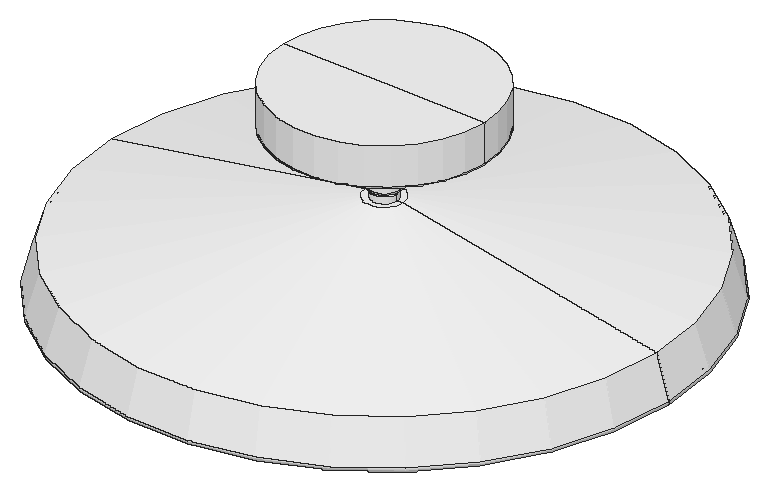
Revit family "Lighting_Ceiling-Mounted_Nordlux_Alba-Pro_30", category Lighting Fixtures, host Ceiling, Revit 2017
Family settings
  Host = Ceiling
  Round Connector Dimension = Use Diameter
  Part Type = Normal
  OmniClass Number = 23.80.70.11
  OmniClass Title = Luminaries for Internal Lighting
  Always vertical = Yes
  Cut with Voids When Loaded = No
  Light Source = Yes
  Shared = No
  Room Calculation Point = No
Parameters (values of type "Alba Pro 30")
  Wattage = 6.7321 W
  WarrantyStartDate [instance] = "n/a"
  WarrantyGuarantorParts = "n/a"
  WarrantyGuarantorLabor = "n/a"
  WarrantyDurationUnit = "Hours"
  WarrantyDurationParts = "n/a"
  WarrantyDurationLabor = "n/a"
  WarrantyDescription = "n/a"
  built-in parameter 1150110 = 1 (stored number, unit not read)
  VersionDate = "01/07/2020"  # constant formula
  Version = "1"  # constant formula
  UsageCurrent = 0 A
  Uniclass2015Reference = "Pr_70_70_48_46"
  Uniclass2015Description = "Light-Emitting Diode (LED) Luminaires"
  Uniclass2 = "Pr_70_70_49_43"
  URL = "https://www.nordlux.com/products/product/77176001"
  TotalWattage = 14 W
  built-in parameter 1114217 = 1 (stored number, unit not read)
  Tilt Angle = 90.00°
  built-in parameter 1150109 = 1 (stored number, unit not read)
  built-in parameter 1150134 = (empty or 0)
  TagNumber [instance] = "n/a"
  SustainabilityPerformance = "n/a"
  built-in parameter 1150113 = 1 (stored number, unit not read)
  Socket = "LED MODUL"
  Size = "300x300x100 mm"
  Shape = "Sculptured"
  SerialNumber [instance] = "n/a"
  Revision = "1"  # constant formula
  ReplacementCost = "n/a"
  ProductInformation = "n/a"
  Product data url = "https://www.bimobject.com/nordlux/product/alba_pro_30"
  Photometric Web File = "7717 Alba Pro 30.ies"
  PhaseReference = "n/a"
  PhaseAngle = 0.00°
  NumberOfSources = 0
  NumberOfPoles = 1
  NominalWidth = NominalDiameter  # 300 mm
  NominalVoltageCalc = 0 V
  NominalVoltage = 230 V
  NominalRadius = NominalDiameter / 2  # 150 mm
  NominalLength = NominalDiameter  # 300 mm
  NominalHeight = 100 mm
  NominalFrequencyRange = 50 Hz
  NominalDiameter = 300 mm
  NominalCurrent = 0 A
  Name = "Alba-Pro_30"  # constant formula
  NBSReference = "90-60-50/405"
  NBSDescription = "General purpose luminaires"
  ModelReference = ArticleNumber  # "77176001"
  ModelNumber = "n/a"
  Model = "Alba Pro 30"
  Material = "Aluminium & acrylic"
  ManufacturersSpecificInformation = "n/a"
  ManufacturerURL = "https://www.nordlux.com/"
  ManufacturerName = "Nordlux"
  Manufacturer = "Nordlux"
  MaintenanceFactor = 0
  Lumens = 1000 lm
  built-in parameter 1150115 = 1 (stored number, unit not read)
  built-in parameter 1150105 = 360.88 (stored number, unit not read)
  LightSource = "Incl. 14W LED"
  LightFixturePlacingType = "Ceilling"
  LightFixtureMountingType = "Surface"
  LightFixtureMainMaterial = White
  built-in parameter 1150137 = (empty or 0)
  built-in parameter 1150139 = (empty or 0)
  LensMaterial = Opal white
  built-in parameter 1150112 = 1 (stored number, unit not read)
  built-in parameter 1150114 = 1 (stored number, unit not read)
  InsulationStandardClass = "Class 2 (Double isolated)"
  InstallationDate [instance] = "n/a"
  built-in parameter 1150132 = 2
  built-in parameter 1150102 = (empty or 0)
  built-in parameter 1150138 = (empty or 0)
  built-in parameter 1150107 = 2700 (stored number, unit not read)
  built-in parameter 1150106 = 3.6088 (stored number, unit not read)
  IfcExportType = "NOTDEFINED"  # constant formula
  IfcExportAs = "IfcLightFixtureType"  # constant formula
  IP_Code = "IP20"
  HasProtectiveEarth = no
  Grade = "n/a"
  Finish = "Primary material aluminium, secondary material acrylic."
  Features = "n/a"
  ExpectedLife = "20.000"
  EnergyClass = "A++ - A"
  Emit from Circle Diameter = 290 mm
  Emit Shape Visible in Rendering = no
  ElectricalDeviceNominalPower = 0
  built-in parameter 1150104 = 13.8 (stored number, unit not read)
  EANNumber = "5701581400382"
  DurationUnit = "Hours"
  Dimming Lamp Color Temperature Shift = <None>
  Dimmer = "Dimmable"
  Designer = "Bonnelycke MDD"
  Description = "With Alba Pro, Bonnelycke MDD has created a ceiling fixture that breaks with tradition. A ceiling fixture where design and innovation merge into something greater. The shape stands out as sharp, modern and as a uniform, luminous surface. The functional kip joint, made from brass, adds an elegant superiority to the design."
  DefaultElevation = 0 mm
  ConvergoRefNr = "0143-1909-0020-DK"
  Constituents = "n/a"
  ColourIndexRA = "80"
  Color Filter = 16777215
  Color = "White"
  Collection = "Alba Pro"
  CodePerformance = "n/a"
  Category = "Indoor lighting"
  Brand = "Nordlux"
  Barcode [instance] = "n/a"
  built-in parameter 1114218 = 1 (stored number, unit not read)
  BIMObjectName = "Lighting_Ceiling-Mounted_Nordlux_Alba-Pro_30"  # constant formula
  Author = "Convergo AB"  # constant formula
  built-in parameter 1150133 = 10 (stored number, unit not read)
  AssetType = "Fixed"
  AssetIdentifier [instance] = "n/a"
  ArticleNumber = "77176001"
  AccessibilityPerformance = "n/a"
Reference planes
  plane 1 "Light Source Axis (F/B)": y = 0
  plane 2: z = 0
  plane 3 "Light Source Axis (L/R)": x = 0
  plane 4 "Ceiling": z = 4000
  plane 5 "Light Source Elevation": z = 3903.065
  plane 6: z = 3900
  plane 7: x = -150
  plane 8: y = 150
  plane 9: x = 150
  plane 10: y = -150
Forms (mm)
  Extrusion 1, solid, material "White" <- "LightFixtureMainMaterial", detail levels coarse
    sketch origin (0, 0, 3903.065) x (-1, 0, 0) y (0, -1, 0)
      loop
        line (150, -150) -> (150, 150) -> (-150, 150) -> (-150, -150) -> (150, -150)
    from -3.065 to 96.935
Dimensions and locks
  equal spacing: host sketch curve, plane 3 "Light Source Axis (L/R)", host sketch curve
  equal spacing: host sketch curve, plane 1 "Light Source Axis (F/B)", host sketch curve
  host sketch curve to host sketch curve = 4000 mm  (x2)
  locked: plane 4 "Ceiling" to host ceiling at 0
  locked: plane 6 to plane 5 "Light Source Elevation" at 3.065
  equal spacing: plane 10, plane 1 "Light Source Axis (F/B)", plane 8
  "NominalDiameter": plane 8 to plane 10
  equal spacing: plane 7, plane 3 "Light Source Axis (L/R)", plane 9
  "NominalDiameter": plane 7 to plane 9
  "NominalHeight": plane 6 to plane 4 "Ceiling"
  plane 4 "Ceiling" to plane 6 = 100 mm
  aligned and locked: plane 3 "Light Source Axis (L/R)" to imposter light
  aligned and locked: plane 1 "Light Source Axis (F/B)" to imposter light
  aligned and locked: plane 5 "Light Source Elevation" to imposter light
  aligned and locked: Extrusion 1 to plane 4 "Ceiling"
  aligned and locked: Extrusion 1 to plane 6
  aligned and locked: plane 3 "Light Source Axis (L/R)" to nested 1
  aligned and locked: nested 1 to plane 1 "Light Source Axis (F/B)"
  aligned and locked: plane 8 to Extrusion 1 sketch curve
  aligned and locked: plane 7 to Extrusion 1 sketch curve
  aligned and locked: plane 9 to Extrusion 1 sketch curve
  aligned and locked: plane 10 to Extrusion 1 sketch curve
  aligned and locked: plane 4 "Ceiling" to nested 1
Nested families
  nested 1: "AlbaPro30_Ceiling" at (0, 0, 4000) x (1, 0, 0) z (0, 0, -1), Glass <- "LensMaterial", Metal <- "LightFixtureMainMaterial", type "AlbaPro30_Ceiling"
    with Metal White, Glass Opal white
Connectors
  electrical at (0, 0, 4000), driven by "NumberOfPoles", driven by "NominalVoltage"
    settings: on nested 1, index 1, voltage 230 V, apparent load 0 VA, apparent load phase1 0 VA, apparent load phase2 0 VA, apparent load phase3 0 VA, power factor 1, load classification "Other", number of poles 1, system type 31, power factor state 1, is connector primary yes, connector utility no, sub classification motor no, connector description ""
Definition of nested family "AlbaPro30_Ceiling"
  Parameters (values of type "AlbaPro30_Ceiling")
    Metal [instance] = none
    Glass [instance] = none
    Default Elevation = 1219.2 mm
  Reference planes
    plane 1 "Center (Front/Back)": y = 0
    plane 2: z = 0
    plane 3 "Center (Left/Right)": x = 0
    plane 4: x = -150
    plane 5: x = 150
    plane 6: y = 150.021
    plane 7: y = -150.021
    plane 8: z = 100
    plane 9: z = 96.935
  Forms (mm)
    Revolve 1, solid, material <- "Metal", detail levels medium+fine
      sketch origin (0, 0, 0) x (1, 0, 0) y (0, 0, 1)
        loop
          line (0, 0) -> (0, 56.674) -> (-6.495, 56.674) -> (-6.495, 50.315) -> (-4.02, 50.315) -> (-4.02, 48.398) -> (-7.5, 48.398)
          arc (-7.5, 48.398) -> (-7.854, 48.252) -> (-8, 47.898) r 0.5
          line (-8, 47.898) -> (-8, 20) -> (-52.5, 20)
          arc (-52.5, 20) -> (-52.854, 19.854) -> (-53, 19.5) r 0.5
          line (-53, 19.5) -> (-53, 0) -> (0, 0)
        axis (0, 56.674) -> (0, 0)
      angle from 0 to 360
    Revolve 2, solid, material <- "Metal", detail levels medium+fine
      sketch origin (0, 0, 0) x (1, 0, 0) y (0, 0, 1)
        loop
          line (-9.875, 53.322) -> (0, 53.322) -> (0, 54.322) -> (-9.788, 54.322) -> (-142.761, 77.769) -> (-148.517, 96.596)
          arc (-148.517, 96.596) -> (-147.188, 99.595) -> (-149.928, 97.791) r 1.71
          line (-149.928, 97.791) -> (-143.538, 76.89) -> (-9.875, 53.322)
        axis (0, 53.322) -> (0, 97.791)
      angle from 0 to 360
    Revolve 3, solid, material <- "Glass", detail levels medium+fine
      sketch origin (0, 0, 0) x (1, 0, 0) y (0, 0, 1)
        loop
          line (-146.5, 94.235) -> (0, 94.235) -> (0, 95.935) -> (-143.265, 95.935) -> (-143.265, 96.935) -> (-148.273, 96.935) -> (-148.273, 95.935) -> (-146.5, 95.935) -> (-146.5, 94.235)
        axis (0, 96.935) -> (0, 94.235)
      angle from 0 to 360
    Revolve 4, solid, material <- "Metal", detail levels medium+fine
      sketch origin (0, 0, 0) x (1, 0, 0) y (0, 0, 1)
        loop
          line (-144.346, 84.233) -> (0, 84.233) -> (0, 85.036) -> (-143.346, 85.036) -> (-143.346, 94.235) -> (-144.346, 94.235) -> (-144.346, 84.233)
        axis (0, 94.235) -> (0, 84.233)
      angle from 0 to 360
  Cuts and joins
    joined: Revolve 1, Revolve 2
  Lines and regions (mm)
    symbolic lines, detail levels medium+fine
      curve 1: line (0, 143.538, 76.89) -> (0, 149.928, 97.791)
      curve 2: arc (0, 149.928, 97.791) -> (0, 149.668, 99.307) -> (0, 148.293, 100) r 1.71
      curve 3: line (0, 148.293, 100) -> (0, 0, 100)
      curve 4: line (0, 9.875, 53.322) -> (0, 143.538, 76.89)
      curve 6: line (0, 6.495, 50.315) -> (0, 6.495, 53.322)
      curve 7: line (0, 9.875, 53.322) -> (0, 6.495, 53.322)
      curve 8: line (0, 4.02, 50.315) -> (0, 4.02, 48.398)
      curve 9: line (0, 4.02, 48.398) -> (0, 7.5, 48.398)
      curve 10: arc (0, 8, 47.898) -> (0, 7.854, 48.252) -> (0, 7.5, 48.398) r 0.5
      curve 11: line (0, 8, 20) -> (0, 8, 47.898)
      curve 13: arc (0, 53, 19.5) -> (0, 52.854, 19.854) -> (0, 52.5, 20) r 0.5
      curve 14: line (0, 53, 0) -> (0, 53, 19.5)
      curve 15: line (0, 0, 0) -> (0, 53, 0)
      curve 16: line (0, 8, 20) -> (0, 52.5, 20)
      curve 18: line (0, 4.02, 50.315) -> (0, 6.495, 50.315)
      curve 20: line (0, -143.538, 76.89) -> (0, -149.928, 97.791)
      curve 21: arc (0, -149.928, 97.791) -> (0, -149.668, 99.307) -> (0, -148.293, 100) r 1.71
      curve 22: line (0, -148.293, 100) -> (0, 0, 100)
      curve 23: line (0, -9.875, 53.322) -> (0, -143.538, 76.89)
      curve 25: line (0, -6.495, 50.315) -> (0, -6.495, 53.322)
      curve 26: line (0, -9.875, 53.322) -> (0, -6.495, 53.322)
      curve 27: line (0, -4.02, 50.315) -> (0, -4.02, 48.398)
      curve 28: line (0, -4.02, 48.398) -> (0, -7.5, 48.398)
      curve 29: arc (0, -8, 47.898) -> (0, -7.854, 48.252) -> (0, -7.5, 48.398) r 0.5
      curve 30: line (0, -8, 20) -> (0, -8, 47.898)
      curve 32: arc (0, -53, 19.5) -> (0, -52.854, 19.854) -> (0, -52.5, 20) r 0.5
      curve 33: line (0, -53, 0) -> (0, -53, 19.5)
      curve 34: line (0, 0, 0) -> (0, -53, 0)
      curve 35: line (0, -8, 20) -> (0, -52.5, 20)
      curve 37: line (0, -4.02, 50.315) -> (0, -6.495, 50.315)
      curve 39: line (-53, 0, 0) -> (0, 0, 0)
      curve 40: line (-53, 0, 19.5) -> (-53, 0, 0)
      curve 41: arc (-52.5, 0, 20) -> (-52.854, 0, 19.854) -> (-53, 0, 19.5) r 0.5
      curve 42: line (-52.5, 0, 20) -> (-8, 0, 20)
      curve 43: line (-8, 0, 47.898) -> (-8, 0, 20)
      curve 44: arc (-7.5, 0, 48.398) -> (-7.854, 0, 48.252) -> (-8, 0, 47.898) r 0.5
      curve 45: line (-7.5, 0, 48.398) -> (-4.02, 0, 48.398)
      curve 46: line (-4.02, 0, 50.315) -> (-4.02, 0, 48.398)
      curve 47: line (-6.495, 0, 50.315) -> (-4.02, 0, 50.315)
      curve 48: line (-6.495, 0, 53.322) -> (-6.495, 0, 50.315)
      curve 49: line (-9.875, 0, 53.322) -> (-6.495, 0, 53.322)
      curve 50: line (-143.538, 0, 76.89) -> (-9.875, 0, 53.322)
      curve 51: line (-149.928, 0, 97.791) -> (-143.538, 0, 76.89)
      curve 52: arc (-148.293, 0, 100) -> (-149.668, 0, 99.307) -> (-149.928, 0, 97.791) r 1.71
      curve 53: line (-148.293, 0, 100) -> (0, 0, 100)
      curve 58: line (53, 0, 0) -> (0, 0, 0)
      curve 59: line (53, 0, 19.5) -> (53, 0, 0)
      curve 60: arc (52.5, 0, 20) -> (52.854, 0, 19.854) -> (53, 0, 19.5) r 0.5
      curve 61: line (52.5, 0, 20) -> (8, 0, 20)
      curve 62: line (8, 0, 47.898) -> (8, 0, 20)
      curve 63: arc (7.5, 0, 48.398) -> (7.854, 0, 48.252) -> (8, 0, 47.898) r 0.5
      curve 64: line (7.5, 0, 48.398) -> (4.02, 0, 48.398)
      curve 65: line (4.02, 0, 50.315) -> (4.02, 0, 48.398)
      curve 66: line (6.495, 0, 50.315) -> (4.02, 0, 50.315)
      curve 67: line (6.495, 0, 53.322) -> (6.495, 0, 50.315)
      curve 68: line (9.875, 0, 53.322) -> (6.495, 0, 53.322)
      curve 69: line (143.538, 0, 76.89) -> (9.875, 0, 53.322)
      curve 70: line (149.928, 0, 97.791) -> (143.538, 0, 76.89)
      curve 71: arc (148.293, 0, 100) -> (149.668, 0, 99.307) -> (149.928, 0, 97.791) r 1.71
      curve 72: line (148.293, 0, 100) -> (0, 0, 100)
      curve 77: circle (0, 0, 0) r 150.003 normal (0, 0, 1)
    symbolic lines, detail levels fine
      curve 5: line (0, 0, 50.315) -> (0, 4.02, 50.315)
      curve 12: line (0, 0, 20) -> (0, 8, 20)
      curve 17: line (0, 4.02, 48.398) -> (0, 0, 48.398)
      curve 19: line (0, 6.495, 53.322) -> (0, 0, 53.322)
      curve 24: line (0, 0, 50.315) -> (0, -4.02, 50.315)
      curve 31: line (0, 0, 20) -> (0, -8, 20)
      curve 36: line (0, -4.02, 48.398) -> (0, 0, 48.398)
      curve 38: line (0, -6.495, 53.322) -> (0, 0, 53.322)
      curve 54: line (-6.495, 0, 53.322) -> (0, 0, 53.322)
      curve 55: line (-4.02, 0, 50.315) -> (0, 0, 50.315)
      curve 56: line (-4.02, 0, 48.398) -> (0, 0, 48.398)
      curve 57: line (-8, 0, 20) -> (0, 0, 20)
      curve 73: line (6.495, 0, 53.322) -> (0, 0, 53.322)
      curve 74: line (4.02, 0, 50.315) -> (0, 0, 50.315)
      curve 75: line (4.02, 0, 48.398) -> (0, 0, 48.398)
      curve 76: line (8, 0, 20) -> (0, 0, 20)
      curve 78: circle (0, 0, 0) r 146.584 normal (0, 0, 1)
      curve 79: circle (0, 0, 0) r 143.538 normal (0, 0, 1)
  Dimensions and locks
    aligned and locked: level to plane 2
    aligned and locked: Revolve 3 to plane 9
